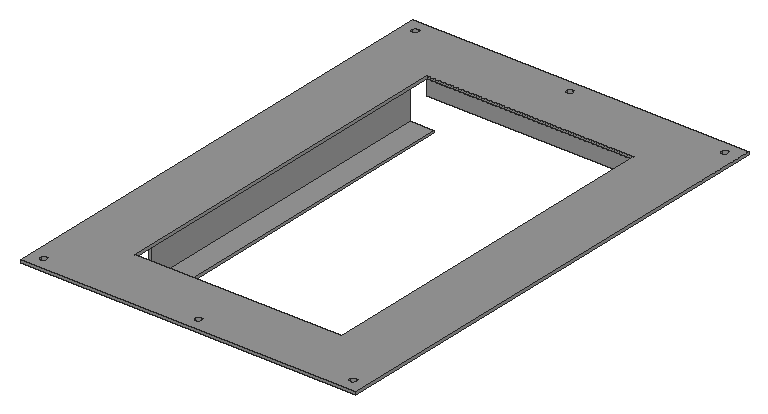
Revit family "Nivellierbare Kassette für Revisionsöffnung_ Montagedeckel_für_Zugdose_UKL", category Generic Models, Revit 2015
Parameters (values of type "DUG UKL8")
  Width 2 = 122.6 mm
  Width = 250 mm
  URL = "http://www.obo-bettermann.com"
  Size "b" = 283.4 mm
  Size "a" = 160.6 mm
  Material = Steel, Galvanized
  Manufacturer Art.No. = "7428540"
  Manufacturer = "OBO Bettermann"
  Height = 14 mm
  GTIN = "4012196436125"
  Article Type = "DUG UKL8"
  "B" Dimension = 380 mm
  "A" Dimension = 260 mm
Types (3, lengths in mm): name | Width 2 | Width | Size "b" | Size "a" | Manufacturer Art.No. | Height | GTIN | Article Type | "B" Dimension | "A" Dimension
  (no name) | 122.6 | 250 | 283.4 | 160.6 | "7428540" | 14 | "4012196436125" | "DUG UKL8" | 380 | 260
  DUG UKL8 | 122.6 | 250 | 283.4 | 160.6 | "7428540" | 14 | "4012196436125" | "DUG UKL8" | 380 | 260
  DUG UKL4 | 88.6 | 235 | 270.6 | 130.6 | "7428538" | 13 | "4012195709848" | "DUG UKL4" | 370 | 230
Reference planes
  plane 1 "Center (Front/Back)": y = 0
  plane 2: z = 0
  plane 3 "Center (Left/Right)": x = 0
  plane 4: x = -130
  plane 5: x = 130
  plane 6: y = 190
  plane 7: y = -190
  plane 8: x = -80.3
  plane 9: y = -141.7
  plane 10: y = 141.7
  plane 11: x = 80.3
  plane 12: z = -2
  plane 13: z = -26
  plane 14: x = -82.3
  plane 15: x = 82.3
  plane 16: y = 125
  plane 17: y = -125
  plane 18: y = -143.7
  plane 19: y = 143.7
  plane 20: z = -14
  plane 21: z = -24
  plane 22: x = -61.3
  plane 23: x = 61.3
Forms (mm)
  Extrusion 1, solid, material "Steel, Galvanized" <- "Material"
    sketch origin (0, 0, 0) x (1, 0, 0) y (0, 1, 0)
      loop
        line (130, 190) -> (-130, 190) -> (-130, -190) -> (130, -190) -> (130, 190)
      loop
        line (80.3, -141.7) -> (80.3, 141.7) -> (-80.3, 141.7) -> (-80.3, -141.7) -> (80.3, -141.7)
      loop
        circle (-120, -180) r 2.5
      loop
        circle (120, -180) r 2.5
      loop
        circle (120, 180) r 2.5
      loop
        circle (-120, 180) r 2.5
    from -2 to 0
  Extrusion 2, solid, material "Steel, Galvanized" <- "Material"
    sketch origin (0, 0, 0) x (1, 0, 0) y (0, 0, 1)
      loop
        line (-82.3, -2) -> (-82.3, -26) -> (-80.3, -26) -> (-80.3, -2) -> (-82.3, -2)
      loop
        line (80.3, -2) -> (80.3, -26) -> (82.3, -26) -> (82.3, -2) -> (80.3, -2)
    from -125 to 125
  Extrusion 3, solid, material "Steel, Galvanized" <- "Material"
    sketch origin (0, 0, 0) x (0, 1, 0) y (0, 0, 1)
      loop
        line (-143.7, -14) -> (-141.7, -14) -> (-141.7, -2) -> (-143.7, -2) -> (-143.7, -14)
      loop
        line (141.7, -14) -> (143.7, -14) -> (143.7, -2) -> (141.7, -2) -> (141.7, -14)
    from -80.3 to 80.3
  Extrusion 4, solid, material "Steel, Galvanized" <- "Material"
    sketch origin (0, 0, 0) x (1, 0, 0) y (0, 0, 1)
      loop
        line (80.3, -24) -> (61.3, -24) -> (61.3, -26) -> (80.3, -26) -> (80.3, -24)
      loop
        line (-61.3, -26) -> (-61.3, -24) -> (-80.3, -24) -> (-80.3, -26) -> (-61.3, -26)
    from -125 to 125
  Extrusion 5, void
    sketch origin (0, 0, 0) x (1, 0, 0) y (0, 1, 0)
      loop
        circle (0, 180) r 2.5
      loop
        circle (0, -180) r 2.5
    from -2 to 0
Cuts and joins
  Extrusion 5 cuts Extrusion 1
Lines and regions (mm)
  reference lines
    curve 1: circle (-120, 180, 0) r 2.5 normal (0, 0, 1)
    curve 2: circle (120, 180, 0) r 2.5 normal (0, 0, 1)
    curve 3: circle (-120, -180, 0) r 2.5 normal (0, 0, 1)
    curve 4: circle (120, -180, 0) r 2.5 normal (0, 0, 1)
    curve 32: circle (0, 180, 0) r 2.5 normal (0, 0, 1)
    curve 33: circle (0, -180, 0) r 2.5 normal (0, 0, 1)
  model lines
    curve 5: line (-130, 190, 0) -> (-130, -190, 0)
    curve 6: line (-130, -190, 0) -> (130, -190, 0)
    curve 7: line (130, -190, 0) -> (130, 190, 0)
    curve 8: line (130, 190, 0) -> (-130, 190, 0)
    curve 9: line (-80.3, 141.7, 0) -> (-80.3, -141.7, 0)
    curve 10: line (-80.3, -141.7, 0) -> (80.3, -141.7, 0)
    curve 11: line (80.3, -141.7, 0) -> (80.3, 141.7, 0)
    curve 12: line (80.3, 141.7, 0) -> (-80.3, 141.7, 0)
    curve 13: line (-82.3, 0, -2) -> (-82.3, 0, -26)
    curve 14: line (-82.3, 0, -26) -> (-80.3, 0, -26)
    curve 15: line (-80.3, 0, -26) -> (-80.3, 0, -2)
    curve 16: line (80.3, 0, -2) -> (80.3, 0, -26)
    curve 17: line (80.3, 0, -26) -> (82.3, 0, -26)
    curve 18: line (82.3, 0, -26) -> (82.3, 0, -2)
    curve 19: line (0, 143.7, -2) -> (0, 143.7, -14)
    curve 20: line (0, 143.7, -14) -> (0, 141.7, -14)
    curve 21: line (0, 141.7, -14) -> (0, 141.7, -2)
    curve 22: line (0, -141.7, -2) -> (0, -141.7, -14)
    curve 23: line (0, -141.7, -14) -> (0, -143.7, -14)
    curve 24: line (0, -143.7, -14) -> (0, -143.7, -2)
    curve 25: line (-80.3, 0, -26) -> (-80.3, 0, -24)
    curve 26: line (-80.3, 0, -24) -> (-61.3, 0, -24)
    curve 27: line (-61.3, 0, -24) -> (-61.3, 0, -26)
    curve 28: line (-61.3, 0, -26) -> (-80.3, 0, -26)
    curve 29: line (80.3, 0, -24) -> (61.3, 0, -24)
    curve 30: line (61.3, 0, -24) -> (61.3, 0, -26)
    curve 31: line (61.3, 0, -26) -> (80.3, 0, -26)
Dimensions and locks
  equal spacing: plane 6, plane 1 "Center (Front/Back)", plane 7
  ""B" Dimension": plane 6 to plane 7
  equal spacing: plane 4, plane 3 "Center (Left/Right)", plane 5
  ""A" Dimension": plane 4 to plane 5
  locked: plane 4 to curve 1 at 10
  locked: plane 6 to curve 1 at 10
  locked: plane 4 to curve 3 at 10
  locked: curve 4 to plane 7 at 10
  locked: curve 4 to plane 5 at 10
  locked: curve 2 to plane 5 at 10
  locked: plane 6 to curve 2 at 10
  locked: curve 3 to plane 7 at 10
  equal spacing: plane 10, plane 1 "Center (Front/Back)", plane 9
  "Size "b"": plane 10 to plane 9
  equal spacing: plane 8, plane 3 "Center (Left/Right)", plane 11
  "Size "a"": plane 8 to plane 11
  locked: level to plane 12 at 2
  locked: level to plane 13 at 26
  locked: plane 8 to plane 14 at 2
  locked: plane 15 to plane 11 at 2
  equal spacing: plane 16, plane 1 "Center (Front/Back)", plane 17
  "Width": plane 16 to plane 17
  locked: plane 19 to plane 10 at 2
  locked: plane 9 to plane 18 at 2
  "Height": level to plane 20
  equal spacing: plane 23, plane 3 "Center (Left/Right)", plane 22
  "Width 2": plane 23 to plane 22
  locked: plane 21 to plane 13 at 2
  locked: plane 6 to curve 32 at 10
  curve 33 to plane 7 = 10 mm
  aligned and locked: level to plane 2
  aligned and locked: curve 5 to plane 4
  aligned and locked: curve 6 to plane 7
  aligned and locked: plane 5 to curve 7
  aligned and locked: plane 6 to curve 8
  aligned and locked: curve 9 to plane 8
  aligned and locked: curve 10 to plane 9
  aligned and locked: plane 11 to curve 11
  aligned and locked: plane 10 to curve 12
  aligned and locked: Extrusion 1 sketch curve to curve 8
  aligned and locked: Extrusion 1 sketch curve to curve 5
  aligned and locked: Extrusion 1 sketch curve to curve 6
  aligned and locked: Extrusion 1 sketch curve to curve 7
  aligned and locked: Extrusion 1 sketch curve to curve 11
  aligned and locked: Extrusion 1 sketch curve to curve 12
  aligned and locked: Extrusion 1 sketch curve to curve 9
  aligned and locked: Extrusion 1 sketch curve to curve 10
  aligned and locked: Extrusion 1 sketch curve to curve 3
  aligned and locked: Extrusion 1 sketch curve to curve 4
  aligned and locked: Extrusion 1 sketch curve to curve 2
  aligned and locked: Extrusion 1 sketch curve to curve 1
  aligned and locked: Extrusion 1 to plane 12
  aligned and locked: level to Extrusion 1
  aligned and locked: curve 13 to plane 14
  aligned and locked: curve 14 to plane 13
  aligned and locked: Extrusion 1 to curve 16
  aligned and locked: curve 17 to plane 13
  aligned and locked: plane 15 to curve 18
  aligned and locked: Extrusion 2 sketch curve to curve 13
  aligned and locked: Extrusion 2 sketch curve to curve 14
  aligned and locked: Extrusion 2 sketch curve to curve 15
  aligned and locked: Extrusion 2 sketch curve to curve 16
  aligned and locked: Extrusion 2 sketch curve to curve 17
  aligned and locked: Extrusion 2 sketch curve to curve 18
  aligned and locked: Extrusion 2 sketch curve to plane 12
  aligned and locked: Extrusion 1 to Extrusion 2 sketch curve
  aligned and locked: Extrusion 2 to plane 17
  aligned and locked: plane 16 to Extrusion 2
  aligned and locked: plane 19 to curve 19
  aligned and locked: plane 20 to curve 20
  aligned and locked: plane 10 to curve 21
  aligned and locked: curve 22 to Extrusion 1
  aligned and locked: plane 20 to curve 23
  aligned and locked: curve 24 to plane 18
  aligned and locked: Extrusion 3 sketch curve to curve 24
  aligned and locked: Extrusion 3 sketch curve to curve 23
  aligned and locked: Extrusion 3 sketch curve to curve 22
  aligned and locked: Extrusion 3 sketch curve to curve 21
  aligned and locked: Extrusion 3 sketch curve to curve 19
  aligned and locked: Extrusion 3 sketch curve to curve 20
  aligned and locked: plane 12 to Extrusion 3 sketch curve
  aligned and locked: Extrusion 3 sketch curve to Extrusion 1
  aligned and locked: Extrusion 3 to plane 8
  aligned and locked: plane 11 to Extrusion 3
  aligned and locked: plane 8 to curve 25
  aligned and locked: curve 26 to plane 21
  aligned and locked: plane 13 to curve 27
  aligned and locked: curve 29 to plane 21
  aligned and locked: curve 30 to plane 23
  aligned and locked: curve 31 to plane 13
  aligned and locked: Extrusion 4 sketch curve to curve 29
  aligned and locked: Extrusion 4 sketch curve to curve 30
  aligned and locked: Extrusion 4 sketch curve to curve 31
  aligned and locked: Extrusion 4 sketch curve to curve 28
  aligned and locked: Extrusion 4 sketch curve to curve 27
  aligned and locked: Extrusion 4 sketch curve to curve 26
  aligned and locked: Extrusion 4 sketch curve to curve 25
  aligned and locked: Extrusion 4 sketch curve to plane 11
  aligned and locked: Extrusion 2 to Extrusion 4  (x2)
  aligned and locked: Extrusion 5 sketch curve to curve 32
  aligned and locked: Extrusion 5 sketch curve to curve 33
  aligned and locked: Extrusion 5 to plane 12
  aligned and locked: level to Extrusion 5
Automatic sketch dimensions
  curve 21 to plane 12 = 0 mm
  curve 22 to plane 12 = 0 mm
  curve 19 to plane 12 = 0 mm
  curve 24 to plane 12 = 0 mm
  curve 28 to plane 22 = 0 mm
  curve 16 to plane 12 = 0 mm
  curve 15 to plane 12 = 0 mm
  curve 13 to plane 12 = 0 mm
  curve 18 to plane 12 = 0 mm
  curve 32 to plane 3 "Center (Left/Right)" = 0 mm
  curve 33 to plane 3 "Center (Left/Right)" = 0 mm
  radius of curve 1 = 2.5 mm
  radius of curve 2 = 2.5 mm
  radius of curve 3 = 2.5 mm
  radius of curve 4 = 2.5 mm
  radius of curve 32 = 2.5 mm
  radius of curve 33 = 2.5 mm
